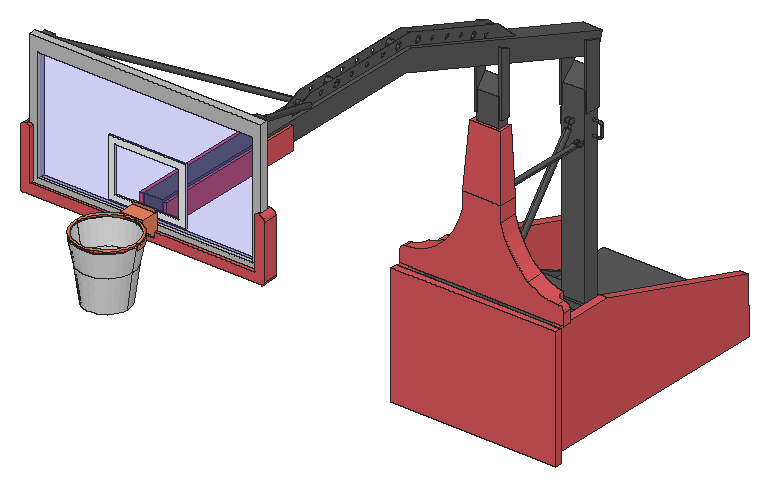
Revit family "Gymnasium-Eqpt_Basketball_IPIbybison_BA8910IG", category Specialty Equipment, Revit 2018
Family settings
  Round Connector Dimension = Use Diameter
  Part Type = Normal
  OmniClass Number = 23.40.50.34.14
  OmniClass Title = Gymnasium Equipment
  Work Plane-Based = Yes
  Always vertical = Yes
  Cut with Voids When Loaded = No
  Shared = No
  Room Calculation Point = No
Parameters (values of type "T-Rex International")
  Warranty Duration (Years) = 0
  URL = "https://ipibybison.com/"
  Specification = ""
  SpecWizard = ""
  Send Message = ""
  Sales Information = "https://ipibybison.com/ArchitectsPage.php"
  Rim Color [instance] = Plastic - IPI by Bison - Orange OR
  Revision = "R0_04-2018"
  Product Properties = ""
  Product Data = "http://www.arcat.com/arcatcos/cos49/arc49571.html"
  Padding Color [instance] = Plastic - IPI by Bison - Scarlet SC
  Net Color [instance] = Finish - IPI by Bison - White Netting
  Model = "BA8910IG"
  Manufacturer Website = "https://ipibybison.com/"
  Manufacturer Phone - Toll Free = "800-637-7968"
  Manufacturer Phone = ""
  Manufacturer Fax = "800-638-0698"
  Manufacturer Address = "603 L St  Lincoln, NE 68508"
  Manufacturer = "IPI by Bison"
  Maintenance Schedule (Months) = 0
  Keynote = ""
  Installation-Fabrication = ""
  Installation Phase = ""
  Green Building-LEED = ""
  Glass [instance] = Glass
  Frame Finish [instance] = Finish - IPI by Bison - Black
  Expected Lifespan (Years) = 0
  Drawn By = "Sumex Design, Inc. / Robert S. Weygant, CSI, CDT, SCIP"
  Description = "IPI by Bison Portable Basketball Goal - BA8910IGas Specified"
  Default Elevation = 0' - 0"
  Copyright = "©Arcat Inc. 2018"
  Construction Details = ""
  Backboard Square Color [instance] = Finish - IPI by Bison - White
  Backboard Padding Color [instance] = Plastic - IPI by Bison - Scarlet SC
  Backboard Color [instance] = Finish - IPI by Bison - Satin Aluminum
  Assembly Code = "E1090"
Reference planes (in)
  plane 1 "Center (Front/Back)": y = 0
  plane 2 "Bottom": z = 0
  plane 3 "Center (Left/Right)": x = 0
  plane 4: y = -137.43666
  plane 5: y = -141.77182
  plane 6: x = 25
  plane 7: x = 22.5
  plane 8: x = -25
  plane 9: x = -22.25
  plane 10: y = -11.15306
  plane 11: y = -13.11807
  plane 12: x = 25.752
  plane 13: x = -25.502
  plane 14: x = 2.5
  plane 15: x = -2.5
  plane 16: y = 6.35692
  plane 17: y = 25.88193
  plane 18: y = 2.31863
  plane 19: x = -20.25
  plane 20: x = 20.5
  plane 21: y = 62.59694
  plane 22: y = 47.11051
  plane 23: y = -7.40306
  plane 24: y = -138.42753
  plane 25: z = 66.25628
  plane 26: z = 65.3109
  plane 27: z = 65.78359
  plane 28: x = 0.75
  plane 29: x = -0.75
  plane 30: x = -3.5
  plane 31: x = 3.5
  plane 32: x = -3
  plane 33: x = 3
  plane 34: x = -13.25
  plane 35: x = 13.5
  plane 36: through (-33.36082, -138.45985, 48) normal (-0.8815, 0.4722, 0)
Forms (in)
  Extrusion 1, solid, material "Finish - IPI by Bison - Black" <- "Frame Finish"
    sketch origin (0, 0.25, -1.375) x (0, 1, 0) y (0, 0, 1)
      loop
        line (33.04915, 95.75473) -> (-41.03343, 123.19171) -> (-137.68666, 123.19171) -> (-137.68666, 117.19171) -> (-43.33129, 117.19171) -> (30.81788, 89.73007) -> (33.04915, 95.75473)
    from -3 to 3
  Extrusion 2, solid, material "Finish - IPI by Bison - Black" <- "Frame Finish"
    sketch origin (0, 0, 0) x (1, 0, 0) y (0, 1, 0)
      loop
        arc (-20, 62.97194) -> (-19.82322, 62.54516) -> (-20.25, 62.72194) r 0.25
        line (-20.25, 62.72194) -> (-20.25, 34.23944)
        arc (-20.25, 34.23944) -> (-19.82322, 34.41621) -> (-20, 33.98944) r 0.25
        line (-20, 33.98944) -> (20.25, 33.98944)
        arc (20.25, 33.98944) -> (20.07322, 34.41621) -> (20.5, 34.23944) r 0.25
        line (20.5, 34.23944) -> (20.5, 62.72194)
        arc (20.5, 62.72194) -> (20.07322, 62.54516) -> (20.25, 62.97194) r 0.25
        line (20.25, 62.97194) -> (-20, 62.97194)
    from 9.00476 to 12.54731
  Extrusion 3, solid, material "Plastic - IPI by Bison - Scarlet SC" <- "Padding Color"
    sketch origin (0, 0, -1.25) x (0, 1, 0) y (0, 0, 1)
      loop
        line (62.59694, 22.51593) -> (7.95966, 39.67588) -> (-11.15306, 39.67588) -> (-11.15306, 4.80415) -> (62.59694, 4.80415) -> (62.59694, 22.51593)
    from -25 to -22.25
  Extrusion 4, solid, material "Plastic - IPI by Bison - Scarlet SC" <- "Padding Color"
    sketch origin (0, 0, -1.25) x (0, 1, 0) y (0, 0, -1)
      loop
        line (62.59694, -22.51593) -> (62.59694, -4.80415) -> (-11.15306, -4.80415) -> (-11.15306, -39.67588) -> (7.95966, -39.67588) -> (62.59694, -22.51593)
    from -25 to -22.5
  Extrusion 5, solid, material "Plastic - IPI by Bison - Scarlet SC" <- "Padding Color"
    sketch origin (0, 0, -1.25) x (0, 1, 0) y (0, 0, 1)
      loop
        line (-11.15306, 39.67588) -> (-13.11807, 39.67588) -> (-13.11807, 2.17588) -> (-11.15306, 2.17588) -> (-11.15306, 39.67588)
    from -25.502 to 25.752
  Extrusion 6, solid, material "Finish - IPI by Bison - Black"
    sketch origin (0, 0, 3.19668) x (0, 1, 0) y (0, 0, 1)
      loop
        line (-1.6372, 29.86388) -> (-7.40306, 29.86388) -> (-7.40306, 25.86388) -> (-1.6372, 25.86388) -> (-1.6372, 29.86388)
      loop
        line (6.10692, 29.61388) -> (2.56863, 29.61388) -> (2.56863, 26.11388) -> (6.10692, 26.11388) -> (6.10692, 29.61388)
    from -20.25 to 20.5
  Extrusion 7, solid, material "Finish - IPI by Bison - Black"
    sketch origin (0, 24.00622, -8.55332) x (0, 1, 0) y (0, 0, 1)
      loop
        line (7.62805, 29.86388) -> (0.89779, 29.86388) -> (0.89779, 25.86388) -> (7.62805, 25.86388) -> (7.62805, 29.86388)
      loop
        line (6.12442, 29.61388) -> (2.12571, 29.61388) -> (2.12571, 26.11388) -> (6.12442, 26.11388) -> (6.12442, 29.61388)
    from -20.25 to 20.5
  Extrusion 8, solid, material "Finish - IPI by Bison - Black" <- "Frame Finish"
    sketch origin (0, 0, 0) x (0, 1, 0) y (0, 0, 1)
      loop
        line (0, 35.67588) -> (-10.94398, 35.67588) -> (-10.94398, 5.6947) -> (-7.34319, 5.6947) -> (-7.34319, 31.67588) -> (-0.92893, 31.67588) -> (-0.18282, 31.30959) -> (-0.18282, 9.45592) -> (3.85547, 9.45592) -> (3.85547, 29.32702) -> (47.11051, 8.09126) -> (47.11051, 5.67588) -> (62.59694, 5.67588)
        arc (62.59694, 5.67588) -> (60.35297, 8.45686) -> (57.15131, 10.04386) r 8.34256
        line (57.15131, 10.04386) -> (47.11051, 12.54731) -> (0, 35.67588)
    from 20.5 to 22.5
  Extrusion 9, solid, material "Finish - IPI by Bison - Black" <- "Frame Finish"
    sketch origin (0, 0, 0) x (0, 1, 0) y (0, 0, -1)
      loop
        line (0, -35.67588) -> (47.11051, -12.54731) -> (57.15131, -10.04386)
        arc (57.15131, -10.04386) -> (60.35297, -8.45686) -> (62.59694, -5.67588) r 8.34256
        line (62.59694, -5.67588) -> (47.11051, -5.67588) -> (47.11051, -8.09126) -> (3.85547, -29.32702) -> (3.85547, -9.45592) -> (-0.18282, -9.45592) -> (-0.18282, -31.30959) -> (-0.92893, -31.67588) -> (-7.34319, -31.67588) -> (-7.34319, -5.6947) -> (-10.94398, -5.6947) -> (-10.94398, -35.67588) -> (0, -35.67588)
    from 20.25 to 22.25
  Extrusion 10, solid, material "Finish - IPI by Bison - Black" <- "Frame Finish"
    sketch origin (0, 0, 0) x (0, 1, 0) y (0, 0, 1)
      loop
        line (-7.40306, 35.67588) -> (-11.15306, 35.67588) -> (-11.15306, 31.67588) -> (-7.40306, 31.67588) -> (-7.40306, 35.67588)
    from -20.25 to 20.5
  Extrusion 11, solid, material "Finish - IPI by Bison - Black" <- "Frame Finish"
    sketch origin (0, -68.74217, -2.09053) x (0, 1, 0) y (0, 0, 1)
      loop
        line (-69.71768, 157.82653) -> (-69.71768, 155.55865) -> (-69.24446, 155.55865) -> (-69.24446, 155.77595) -> (-67.90825, 155.77595) -> (-67.90825, 157.7524) -> (-69.24446, 157.7524) -> (-69.24446, 157.82653) -> (-69.71768, 157.82653)
    from -34.39473 to -31.49931
  Sweep 12, solid, material "Finish - IPI by Bison - Black" <- "Frame Finish"
    path origin (4.72862, 0, -1.76742) x (1, 0, 0) y (0, 0, 1)
      loop
        line (-8.22862, 68.76181) -> (-10.40176, 68.76181)
        arc (-10.40176, 68.76181) -> (-10.75531, 68.90826) -> (-10.90176, 69.26181) r 0.5
        line (-10.90176, 69.26181) -> (-10.90176, 72.8236)
        arc (-10.90176, 72.8236) -> (-10.75532, 73.17714) -> (-10.40179, 73.32358) r 0.49997
        line (-10.40179, 73.32358) -> (-8.22862, 73.32358)
    profile origin (-4.58658, 0, 71.55616) x (0, 0, 1) y (0, -1, 0)
      loop
        circle (0, -28.98467) r 0.25
  Revolve 13, solid, material "Finish - IPI by Bison - Black" <- "Frame Finish"
    sketch origin (-17, 0, -1.25) x (0, 1, 0) y (0, 0, 1)
      loop
        line (-8.29984, 6.1947) -> (-8.29984, 1.22194) -> (-6.36234, 1.22194) -> (-6.36234, 1.47194) -> (-6.29984, 1.47194) -> (-6.29984, 1.97194) -> (-7.54974, 2.4719) -> (-7.54974, 2.59643) -> (-7.61224, 2.59643) -> (-7.61224, 2.97646) -> (-7.67438, 2.97646) -> (-7.67438, 3.21393) -> (-7.56372, 3.21393) -> (-7.45891, 3.27444) -> (-7.45891, 3.71459) -> (-7.55303, 3.76893) -> (-7.84269, 3.76893) -> (-7.79315, 3.81847) -> (-7.88542, 3.87174) -> (-7.79443, 3.93546) -> (-7.88542, 3.98799) -> (-7.79443, 4.05171) -> (-7.88542, 4.10424) -> (-7.79443, 4.16796) -> (-7.88542, 4.22049) -> (-7.79443, 4.28421) -> (-7.88542, 4.33674) -> (-7.79443, 4.40046) -> (-7.88542, 4.45299) -> (-7.79443, 4.51671) -> (-7.88542, 4.56924) -> (-7.79443, 4.63296) -> (-7.88542, 4.6855) -> (-7.79443, 4.74921) -> (-7.88542, 4.80175) -> (-7.79443, 4.86546) -> (-7.88542, 4.918) -> (-7.79443, 4.98171) -> (-7.88542, 5.03425) -> (-7.79443, 5.09796) -> (-7.88542, 5.1505) -> (-7.79443, 5.21421) -> (-7.88542, 5.26675) -> (-7.79443, 5.33047) -> (-7.88542, 5.383) -> (-7.79443, 5.44672) -> (-7.88364, 5.49822) -> (-7.79443, 5.54973) -> (-7.88542, 5.61345) -> (-7.79443, 5.66598) -> (-7.88542, 5.7297) -> (-7.79443, 5.78223) -> (-7.88542, 5.84595) -> (-7.79443, 5.89848) -> (-7.88542, 5.9622) -> (-7.79443, 6.01473) -> (-7.88542, 6.07845) -> (-7.79443, 6.13098) -> (-7.88542, 6.1947) -> (-8.29984, 6.1947)
      axis (-8.29984, 1.22194) -> (-8.29984, 6.1947)
    angle from 0 to 360
  Revolve 14, solid, material "Finish - IPI by Bison - Black" <- "Frame Finish"
    sketch origin (17, 0, -1.25) x (0, 1, 0) y (0, 0, -1)
      loop
        line (-8.29984, -6.1947) -> (-7.88542, -6.1947) -> (-7.79443, -6.13098) -> (-7.88542, -6.07845) -> (-7.79443, -6.01473) -> (-7.88542, -5.9622) -> (-7.79443, -5.89848) -> (-7.88542, -5.84595) -> (-7.79443, -5.78223) -> (-7.88542, -5.7297) -> (-7.79443, -5.66598) -> (-7.88542, -5.61345) -> (-7.79443, -5.54973) -> (-7.88364, -5.49822) -> (-7.79443, -5.44672) -> (-7.88542, -5.383) -> (-7.79443, -5.33047) -> (-7.88542, -5.26675) -> (-7.79443, -5.21421) -> (-7.88542, -5.1505) -> (-7.79443, -5.09796) -> (-7.88542, -5.03425) -> (-7.79443, -4.98171) -> (-7.88542, -4.918) -> (-7.79443, -4.86546) -> (-7.88542, -4.80175) -> (-7.79443, -4.74921) -> (-7.88542, -4.6855) -> (-7.79443, -4.63296) -> (-7.88542, -4.56924) -> (-7.79443, -4.51671) -> (-7.88542, -4.45299) -> (-7.79443, -4.40046) -> (-7.88542, -4.33674) -> (-7.79443, -4.28421) -> (-7.88542, -4.22049) -> (-7.79443, -4.16796) -> (-7.88542, -4.10424) -> (-7.79443, -4.05171) -> (-7.88542, -3.98799) -> (-7.79443, -3.93546) -> (-7.88542, -3.87174) -> (-7.79315, -3.81847) -> (-7.84269, -3.76893) -> (-7.55303, -3.76893) -> (-7.45891, -3.71459) -> (-7.45891, -3.27444) -> (-7.56372, -3.21393) -> (-7.67438, -3.21393) -> (-7.67438, -2.97646) -> (-7.61224, -2.97646) -> (-7.61224, -2.59643) -> (-7.54974, -2.59643) -> (-7.54974, -2.4719) -> (-6.29984, -1.97194) -> (-6.29984, -1.47194) -> (-6.36234, -1.47194) -> (-6.36234, -1.22194) -> (-8.29984, -1.22194) -> (-8.29984, -6.1947)
      axis (-8.29984, -1.22194) -> (-8.29984, -6.1947)
    angle from 0 to 360
  Revolve 15, solid, material "Finish - IPI by Bison - Black"
    sketch origin (0, 56.25, 0) x (1, 0, 0) y (0, 0, 1)
      loop
        arc (-19.31006, 0.19999) -> (-18.4375, 0.05094) -> (-17.56494, 0.19999) r 2.62863
        line (-17.56494, 0.19999) -> (-17.44149, 0.73838) -> (-17.44149, 1.14463) -> (-17.73757, 1.44071) -> (-17.73757, 4.0515) -> (-18.375, 4.0515) -> (-19.13743, 4.0515) -> (-19.13743, 1.44071) -> (-19.43351, 1.14463) -> (-19.43351, 0.73838) -> (-19.31006, 0.19999)
      axis (-19.43351, 4.0515) -> (-17.44149, 4.0515)
    angle from 0 to 360
  Revolve 16, solid, material "Finish - IPI by Bison - Black"
    sketch origin (5.35491, 1.81863, 0.12367) x (1, 0, 0) y (0, 0, 1)
      loop
        arc (-19.31006, 0.19999) -> (-18.4375, 0.05094) -> (-17.56494, 0.19999) r 2.62863
        line (-17.56494, 0.19999) -> (-17.44149, 0.73838) -> (-17.44149, 1.14463) -> (-17.73757, 1.44071) -> (-17.73757, 4.0515) -> (-18.375, 4.0515) -> (-19.13743, 4.0515) -> (-19.13743, 1.44071) -> (-19.43351, 1.14463) -> (-19.43351, 0.73838) -> (-19.31006, 0.19999)
      axis (-19.43351, 4.0515) -> (-17.44149, 4.0515)
    angle from 0 to 360
  Revolve 17, solid, material "Finish - IPI by Bison - Black"
    sketch origin (-5.32655, 1.81863, 0.12367) x (-1, 0, 0) y (0, 0, -1)
      loop
        line (-19.56006, -0.19999) -> (-19.68351, -0.73838) -> (-19.68351, -1.14463) -> (-19.38743, -1.44071) -> (-19.38743, -4.0515) -> (-18.625, -4.0515) -> (-17.98757, -4.0515) -> (-17.98757, -1.44071) -> (-17.69149, -1.14463) -> (-17.69149, -0.73838) -> (-17.81494, -0.19999)
        arc (-17.81494, -0.19999) -> (-18.6875, -0.05094) -> (-19.56006, -0.19999) r 2.62863
      axis (-19.68351, -4.0515) -> (-17.69149, -4.0515)
    angle from 0 to 360
  Revolve 18, solid, material "Finish - IPI by Bison - Black"
    sketch origin (2.5, 56.25, 0) x (1, 0, 0) y (0, 0, 1)
      loop
        arc (-19.31006, 0.19999) -> (-18.4375, 0.05094) -> (-17.56494, 0.19999) r 2.62863
        line (-17.56494, 0.19999) -> (-17.44149, 0.73838) -> (-17.44149, 1.14463) -> (-17.73757, 1.44071) -> (-17.73757, 4.0515) -> (-18.375, 4.0515) -> (-19.13743, 4.0515) -> (-19.13743, 1.44071) -> (-19.43351, 1.14463) -> (-19.43351, 0.73838) -> (-19.31006, 0.19999)
      axis (-19.43351, 4.0515) -> (-17.44149, 4.0515)
    angle from 0 to 360
  Revolve 19, solid, material "Finish - IPI by Bison - Black"
    sketch origin (0.02835, 56.25, 0) x (-1, 0, 0) y (0, 0, -1)
      loop
        line (-19.56006, -0.19999) -> (-19.68351, -0.73838) -> (-19.68351, -1.14463) -> (-19.38743, -1.44071) -> (-19.38743, -4.0515) -> (-18.625, -4.0515) -> (-17.98757, -4.0515) -> (-17.98757, -1.44071) -> (-17.69149, -1.14463) -> (-17.69149, -0.73838) -> (-17.81494, -0.19999)
        arc (-17.81494, -0.19999) -> (-18.6875, -0.05094) -> (-19.56006, -0.19999) r 2.62863
      axis (-19.68351, -4.0515) -> (-17.69149, -4.0515)
    angle from 0 to 360
  Revolve 20, solid, material "Finish - IPI by Bison - Black"
    sketch origin (-2.47165, 56.25, 0) x (-1, 0, 0) y (0, 0, -1)
      loop
        line (-19.56006, -0.19999) -> (-19.68351, -0.73838) -> (-19.68351, -1.14463) -> (-19.38743, -1.44071) -> (-19.38743, -4.0515) -> (-18.625, -4.0515) -> (-17.98757, -4.0515) -> (-17.98757, -1.44071) -> (-17.69149, -1.14463) -> (-17.69149, -0.73838) -> (-17.81494, -0.19999)
        arc (-17.81494, -0.19999) -> (-18.6875, -0.05094) -> (-19.56006, -0.19999) r 2.62863
      axis (-19.68351, -4.0515) -> (-17.69149, -4.0515)
    angle from 0 to 360
  Extrusion 21, solid, material "Finish - IPI by Bison - Black"
    sketch origin (0, -2.50145, -16.40797) x (0, 1, 0) y (0, 0, 1)
      loop
        line (6.35692, 26.86388) -> (2.31863, 26.86388) -> (2.31863, 25.86388) -> (6.35692, 25.86388) -> (6.35692, 26.86388)
      loop
        line (6.29442, 26.80138) -> (2.38113, 26.80138) -> (2.38113, 25.92638) -> (6.29442, 25.92638) -> (6.29442, 26.80138)
    from -16 to 16
  Extrusion 22, solid, material "Finish - IPI by Bison - Black"
    sketch origin (0, -12.63761, -19.73168) x (0, 1, 0) y (0, 0, 1)
      loop
        line (5.29442, 26.05138) -> (1.69363, 26.05138) -> (1.69363, 25.42638) -> (5.29442, 25.42638) -> (5.29442, 26.05138)
      loop
        line (5.23192, 25.98888) -> (1.75613, 25.98888) -> (1.75613, 25.48888) -> (5.23192, 25.48888) -> (5.23192, 25.98888)
    from -16 to 16
  Extrusion 23, solid, material "Finish - IPI by Bison - Black"
    sketch origin (0, 51.99025, -17.85912) x (0, 1, 0) y (0, 0, 1)
      loop
        line (6.35692, 26.86388) -> (2.31863, 26.86388) -> (2.31863, 25.86388) -> (6.35692, 25.86388) -> (6.35692, 26.86388)
      loop
        line (6.29442, 26.80138) -> (2.38113, 26.80138) -> (2.38113, 25.92638) -> (6.29442, 25.92638) -> (6.29442, 26.80138)
    from -16 to 16
  Extrusion 24, solid, material "Finish - IPI by Bison - Black" <- "Frame Finish"
    sketch origin (0, 0, 0) x (0, 1, 0) y (0, 0, 1)
      loop
        arc (-84.92451, 122.41137) -> (-85.14978, 122.22776) -> (-85.23489, 121.94988) r 0.5
        line (-85.23489, 121.94988) -> (-85.23489, 121.43987) -> (-39.78292, 121.43987) -> (0.83927, 106.38632)
        arc (0.83927, 106.38632) -> (0.79855, 106.58911) -> (0.67924, 106.75807) r 0.5
        line (0.67924, 106.75807) -> (-4.96216, 111.98836)
        arc (-4.96216, 111.98836) -> (-5.58428, 112.46108) -> (-6.28641, 112.80384) r 4
        line (-6.28641, 112.80384) -> (-38.52295, 124.80217)
        arc (-38.52295, 124.80217) -> (-39.02571, 124.95257) -> (-39.54383, 125.03585) r 4
        arc (-39.54383, 125.03585) -> (-39.72616, 125.0488) -> (-39.9089, 125.0534) r 4
        line (-39.9089, 125.0534) -> (-77.46703, 125.14099)
        arc (-77.46703, 125.14099) -> (-78.24481, 125.06649) -> (-78.99326, 124.84222) r 4
        line (-78.99326, 124.84222) -> (-84.92451, 122.41137)
      loop
        circle (-2.81384, 108.31191) r 0.25781
      loop
        circle (-10.42391, 111.56003) r 0.805
      loop
        circle (-19.92019, 115.74586) r 0.805
      loop
        circle (-15.29705, 113.65295) r 0.97
      loop
        circle (-25.54333, 117.83877) r 0.805
      loop
        circle (-31.16647, 119.93169) r 0.805
      loop
        circle (-36.78961, 122.0246) r 0.97
      loop
        circle (-44.48104, 123.55485) r 0.97
      loop
        circle (-50.48102, 123.56884) r 0.805
      loop
        circle (-56.48101, 123.58283) r 0.805
      loop
        circle (-62.48099, 123.59682) r 0.805
      loop
        circle (-68.48097, 123.61082) r 0.97
      loop
        circle (-74.48096, 123.62481) r 0.805
      loop
        circle (-81.10827, 122.64026) r 0.25781
    from -1.68415 to -1.50534
  Extrusion 25, solid, material "Finish - IPI by Bison - Black" <- "Frame Finish"
    sketch origin (0, 1, 0) x (0, 1, 0) y (0, 0, 1)
      loop
        circle (-16.31627, 113.6142) r 0.95
      loop
        circle (-16.31627, 113.6142) r 0.805
      loop
        circle (-37.81927, 121.98344) r 0.95
      loop
        circle (-37.81927, 121.98344) r 0.805
      loop
        circle (-45.48375, 123.55368) r 0.95
      loop
        circle (-45.48375, 123.55368) r 0.805
      loop
        circle (-69.48207, 123.55368) r 0.95
      loop
        circle (-69.48207, 123.55368) r 0.805
    from -1.68415 to 1.68415
  Extrusion 26, solid, material "Finish - IPI by Bison - Black" <- "Frame Finish"
    sketch origin (0, 0, 0) x (0, 1, 0) y (0, 0, -1)
      loop
        line (-84.92451, -122.41137) -> (-78.99326, -124.84222)
        arc (-78.99326, -124.84222) -> (-78.24481, -125.06649) -> (-77.46703, -125.14099) r 4
        line (-77.46703, -125.14099) -> (-39.9089, -125.0534)
        arc (-39.9089, -125.0534) -> (-39.72616, -125.0488) -> (-39.54383, -125.03585) r 4
        arc (-39.54383, -125.03585) -> (-39.02571, -124.95257) -> (-38.52295, -124.80217) r 4
        line (-38.52295, -124.80217) -> (-6.28641, -112.80384)
        arc (-6.28641, -112.80384) -> (-5.58428, -112.46108) -> (-4.96216, -111.98836) r 4
        line (-4.96216, -111.98836) -> (0.67924, -106.75807)
        arc (0.67924, -106.75807) -> (0.79855, -106.58911) -> (0.83927, -106.38632) r 0.5
        line (0.83927, -106.38632) -> (-39.78292, -121.43987) -> (-85.23489, -121.43987) -> (-85.23489, -121.94988)
        arc (-85.23489, -121.94988) -> (-85.14978, -122.22776) -> (-84.92451, -122.41137) r 0.5
      loop
        circle (-2.81384, -108.31191) r 0.25781
      loop
        circle (-10.42391, -111.56003) r 0.805
      loop
        circle (-19.92019, -115.74586) r 0.805
      loop
        circle (-15.29705, -113.65295) r 0.97
      loop
        circle (-25.54333, -117.83877) r 0.805
      loop
        circle (-31.16647, -119.93169) r 0.805
      loop
        circle (-36.78961, -122.0246) r 0.97
      loop
        circle (-44.48104, -123.55485) r 0.97
      loop
        circle (-50.48102, -123.56884) r 0.805
      loop
        circle (-56.48101, -123.58283) r 0.805
      loop
        circle (-62.48099, -123.59682) r 0.805
      loop
        circle (-68.48097, -123.61082) r 0.97
      loop
        circle (-74.48096, -123.62481) r 0.805
      loop
        circle (-81.10827, -122.64026) r 0.25781
    from -1.68415 to -1.50534
  Extrusion 27, solid, material "Plastic - IPI by Bison - Scarlet SC" <- "Padding Color"
    sketch origin (0, 0, 0) x (1, 0, 0) y (0, 0, 1)
      loop
        line (-3, 115.68987) -> (-3, 121.43987) -> (-4.25, 121.43987) -> (-4.25, 114.43987) -> (4.25, 114.43987) -> (4.25, 121.43987) -> (3, 121.43987) -> (3, 115.68987) -> (-3, 115.68987)
    from 88.46349 to 137.43666
  Extrusion 28, solid, material "Finish - IPI by Bison - Black" <- "Frame Finish"
    sketch origin (0, 0, 0) x (0, 1, 0) y (0, 0, 1)
      loop
        line (30.38064, 21.31057) -> (30.38064, 84.84241) -> (25.88193, 80.928) -> (25.88193, 21.31057) -> (30.38064, 21.31057)
    from -3.5 to 3.5
  Extrusion 29, solid, material "Finish - IPI by Bison - Black" <- "Frame Finish"
    sketch origin (0, 0, 0) x (0, 1, 0) y (0, 0, 1)
      loop
        line (30.38064, 74.50628) -> (30.38064, 93.4443) -> (25.88193, 94.86108) -> (25.88193, 74.50628) -> (30.38064, 74.50628)
    from -4.21147 to -3.5
  Extrusion 30, solid, material "Finish - IPI by Bison - Black" <- "Frame Finish"
    sketch origin (0, 0, 0) x (0, 1, 0) y (0, 0, -1)
      loop
        line (30.38064, -74.50628) -> (25.88193, -74.50628) -> (25.88193, -94.86108) -> (30.38064, -93.4443) -> (30.38064, -74.50628)
    from -4.21147 to -3.5
  Extrusion 31, solid, material "Finish - IPI by Bison - Black" <- "Frame Finish"
    sketch origin (0, -34.72792, 12.63993) x (0, 1, 0) y (0, 0, 1)
      loop
        line (30.36315, 74.50628) -> (30.36315, 93.4443) -> (27.32486, 94.86108) -> (27.32486, 74.50628) -> (30.36315, 74.50628)
    from -4.21147 to -3.5
  Extrusion 32, solid, material "Finish - IPI by Bison - Black" <- "Frame Finish"
    sketch origin (0, -34.72792, 12.63993) x (0, 1, 0) y (0, 0, -1)
      loop
        line (30.36315, -74.50628) -> (27.32486, -74.50628) -> (27.32486, -94.86108) -> (30.36315, -93.4443) -> (30.36315, -74.50628)
    from -4.21147 to -3.5
  Sweep 33, solid, material "Finish - IPI by Bison - Black" <- "Frame Finish"
    path origin (-33.36082, -138.45985, 48) x (-0.472203, -0.88149, 0) y (0, 0, 1)
      loop
        line (0.08433, 107.02088) -> (-67.10053, 74.25263)
    profile origin (-17.5382, -108.9228, 138.63675) x (-0.207, -0.38642, -0.898794) y (-0.88149, 0.472203, 0)
      loop
        circle (0, 0) r 0.75
  Extrusion 34, solid, material "Finish - IPI by Bison - Black" <- "Frame Finish"
    sketch origin (0, -68.74217, -2.09053) x (0, 1, 0) y (0, 0, -1)
      loop
        line (-69.71768, -157.82653) -> (-69.24446, -157.82653) -> (-69.24446, -157.7524) -> (-67.90825, -157.7524) -> (-67.90825, -155.77595) -> (-69.24446, -155.77595) -> (-69.24446, -155.55865) -> (-69.71768, -155.55865) -> (-69.71768, -157.82653)
    from -34.39473 to -31.49931
  Sweep 35, solid, material "Finish - IPI by Bison - Black" <- "Frame Finish"
    path origin (33.36082, -138.45985, 48) x (0.472203, -0.88149, 0) y (0, 0, -1)
      loop
        line (0.08433, -107.02088) -> (-67.10053, -74.25263)
    profile origin (17.5382, -108.9228, 138.63675) x (-0.207, 0.38642, 0.898794) y (0.88149, 0.472203, 0)
      loop
        circle (0, 0) r 0.75
  Extrusion 36, solid, material "Finish - IPI by Bison - Black" <- "Frame Finish"
    sketch origin (0, -34.72792, 12.63993) x (0, 1, 0) y (0, 0, 1)
      loop
        line (30.36315, 17.06057) -> (30.36315, 84.84241) -> (27.32486, 80.928) -> (27.32486, 17.06057) -> (30.36315, 17.06057)
    from -3.5 to 3.5
  Revolve 37, solid, material "Finish - IPI by Bison - Black" <- "Frame Finish"
    sketch origin (-1.5, 25.40612, 65.78359) x (-1, 0, 0) y (0, -1, 0)
      loop
        line (-3.0275, 0.72556) -> (-3.25, 0.72556) -> (-3.25, 1.42223) -> (-3.11756, 1.42223) -> (-3.11756, 1.73451) -> (-2.915, 1.73451) -> (-2.915, 1.86146) -> (-2.875, 1.86146) -> (-2.875, 27.35592) -> (-2.915, 27.35592) -> (-2.915, 27.48287) -> (-3.11756, 27.48287) -> (-3.11756, 27.79515) -> (-3.25, 27.79515) -> (-3.25, 28.49182) -> (-3.0275, 28.49182) -> (-3.0275, 29.2544) -> (-3.5002, 29.2544) -> (-3.5002, -0.03702) -> (-3.0275, -0.03702) -> (-3.0275, 0.72556)
      axis (-3.5002, 29.2544) -> (-3.5002, -0.03702)
    angle from 0 to 360
  Extrusion 38, solid, material "Finish - IPI by Bison - Black" <- "Frame Finish"
    sketch origin (5, 0, 0) x (0, 1, 0) y (0, 0, -1)
      loop
        line (25.02848, -66.43551) -> (25.90346, -66.44437) -> (25.90346, -65.19431) -> (25.04113, -65.18557)
        arc (25.04113, -65.18557) -> (24.40984, -65.80421) -> (25.02848, -66.43551) r 0.625
      loop
        circle (25.0348, -65.81054) r 0.25
      loop
        arc (-3.48964, -66.43551) -> (-2.87101, -65.80421) -> (-3.5023, -65.18557) r 0.625
        line (-3.5023, -65.18557) -> (-4.36463, -65.19431) -> (-4.36463, -66.44437) -> (-3.48964, -66.43551)
      loop
        circle (-3.49597, -65.81054) r 0.25
    from 2.25 to 2.5
  Revolve 39, solid, material "Finish - IPI by Bison - Black" <- "Frame Finish"
    sketch origin (-2, -0.34375, 65.77286) x (1, 0, 0) y (0, 1, 0)
      loop
        line (3.00609, 25.37902) -> (3.00609, 25.11965) -> (4.75, 25.11965) -> (4.75, 24.93677) -> (5.114, 24.93677) -> (5.114, 25.37902) -> (3.00609, 25.37902)
      axis (5.114, 25.37902) -> (3.00609, 25.37902)
    angle from 0 to 360
  Extrusion 40, solid, material "Finish - IPI by Bison - Black" <- "Frame Finish"
    sketch origin (-1, 0, 0) x (0, 1, 0) y (0, 0, 1)
      loop
        arc (25.02848, 66.43551) -> (24.40984, 65.80421) -> (25.04113, 65.18557) r 0.625
        line (25.04113, 65.18557) -> (25.90346, 65.19431) -> (25.90346, 66.44437) -> (25.02848, 66.43551)
      loop
        circle (25.0348, 65.81054) r 0.25
      loop
        line (-3.48964, 66.43551) -> (-4.36463, 66.44437) -> (-4.36463, 65.19431) -> (-3.5023, 65.18557)
        arc (-3.5023, 65.18557) -> (-2.87101, 65.80421) -> (-3.48964, 66.43551) r 0.625
      loop
        circle (-3.49597, 65.81054) r 0.25
    from 2.25 to 2.5
  Revolve 41, solid, material "Finish - IPI by Bison - Black" <- "Frame Finish"
    sketch origin (-2, -30.30479, 65.77286) x (1, 0, 0) y (0, 1, 0)
      loop
        line (3.00609, 26.82195) -> (3.00609, 26.56257) -> (4.75, 26.56257) -> (4.75, 26.3797) -> (5.114, 26.3797) -> (5.114, 26.82195) -> (3.00609, 26.82195)
      axis (5.114, 26.82195) -> (3.00609, 26.82195)
    angle from 0 to 360
  Revolve 42, solid, material "Finish - IPI by Bison - Black" <- "Frame Finish"
    sketch origin (-0.75, 0.11339, -0.06308) x (0, 1, 0) y (0, 0, 1)
      loop
        line (-2.46877, 34.42478) -> (25.20063, 68.59363) -> (25.09842, 68.69584) -> (25.20692, 68.80435) -> (25.06637, 68.9449) -> (25.439, 69.82278) -> (25.27248, 69.98931) -> (-3.94503, 33.90869) -> (-3.81, 33.79935) -> (-2.46877, 34.42478)
      axis (25.27248, 69.98931) -> (-3.94503, 33.90869)
    angle from 0 to 360
  Extrusion 43, solid, material "Finish - IPI by Bison - Black" <- "Frame Finish"
    sketch origin (-3.75, -0.25, 5.75) x (0, 1, 0) y (0, 0, 1)
      loop
        arc (25.27848, 66.18551) -> (24.65984, 65.55421) -> (25.29113, 64.93557) r 0.625
        line (25.29113, 64.93557) -> (26.15346, 64.94431) -> (26.15346, 66.19437) -> (25.27848, 66.18551)
      loop
        circle (25.2848, 65.56054) r 0.25
      loop
        line (-3.23964, 29.18551) -> (-4.11463, 29.19437) -> (-4.11463, 27.94431) -> (-3.2523, 27.93557)
        arc (-3.2523, 27.93557) -> (-2.62101, 28.55421) -> (-3.23964, 29.18551) r 0.625
      loop
        circle (-3.24597, 28.56054) r 0.25
    from 2.25 to 2.5
  Extrusion 44, solid, material "Finish - IPI by Bison - Black" <- "Frame Finish"
    sketch origin (2.25, -0.25, 5.75) x (0, 1, 0) y (0, 0, -1)
      loop
        line (25.27848, -66.18551) -> (26.15346, -66.19437) -> (26.15346, -64.94431) -> (25.29113, -64.93557)
        arc (25.29113, -64.93557) -> (24.65984, -65.55421) -> (25.27848, -66.18551) r 0.625
      loop
        circle (25.2848, -65.56054) r 0.25
      loop
        arc (-3.23964, -29.18551) -> (-2.62101, -28.55421) -> (-3.2523, -27.93557) r 0.625
        line (-3.2523, -27.93557) -> (-4.11463, -27.94431) -> (-4.11463, -29.19437) -> (-3.23964, -29.18551)
      loop
        circle (-3.24597, -28.56054) r 0.25
    from 2.25 to 2.5
  Sweep 45, solid, material "Finish - IPI by Bison - Black" <- "Frame Finish"
    path origin (-4.70027, 0, -1.76742) x (-1, 0, 0) y (0, 0, 1)
      loop
        line (-8.22862, 68.76181) -> (-10.40176, 68.76181)
        arc (-10.40176, 68.76181) -> (-10.75531, 68.90826) -> (-10.90176, 69.26181) r 0.5
        line (-10.90176, 69.26181) -> (-10.90176, 72.8236)
        arc (-10.90176, 72.8236) -> (-10.75532, 73.17714) -> (-10.40179, 73.32358) r 0.49997
        line (-10.40179, 73.32358) -> (-8.22862, 73.32358)
    profile origin (4.61494, 0, 71.55616) x (0, 0, -1) y (0, -1, 0)
      loop
        circle (0, -28.98467) r 0.25
  Extrusion 46, solid, material "Plastic - IPI by Bison - Scarlet SC" <- "Padding Color"
    sketch origin (0, 0, 0) x (1, 0, 0) y (0, 1, 0)
      loop
        line (-3.5, -4.36477) -> (-6, -4.36477) -> (-6, -9.70664) -> (5.96138, -9.70664) -> (5.96138, -4.36477) -> (3.5, -4.36477) -> (3.5, -7.40306) -> (-3.5, -7.40306) -> (-3.5, -4.36477)
    from 38.42588 to 65.19431
  Extrusion 47, solid, material "Plastic - IPI by Bison - Scarlet SC" <- "Padding Color"
    sketch origin (0, 0, 0) x (1, 0, 0) y (0, 0, 1)
      loop
        line (-6, 38.37178) -> (-6, 60.19542)
        arc (-6, 60.19542) -> (-8.99532, 52.8095) -> (-14.35685, 46.91222) r 22.72334
        arc (-14.35685, 46.91222) -> (-18.77903, 44.49354) -> (-23.74475, 43.62903) r 15.43043
        arc (-23.74475, 43.62903) -> (-24.98731, 43.11434) -> (-25.502, 41.87178) r 1.75725
        line (-25.502, 41.87178) -> (-25.502, 38.37178) -> (-6, 38.37178)
    from 4.36477 to 9.70664
  Extrusion 48, solid, material "Plastic - IPI by Bison - Scarlet SC" <- "Padding Color"
    sketch origin (0.02835, 0, 0) x (-1, 0, 0) y (0, 0, -1)
      loop
        line (-5.93303, -38.42588) -> (-25.51353, -38.42588) -> (-25.51353, -41.95566)
        arc (-25.51353, -41.95566) -> (-24.96662, -43.27602) -> (-23.64626, -43.82293) r 1.86727
        arc (-23.64626, -43.82293) -> (-18.70662, -44.65091) -> (-14.2991, -47.02984) r 15.29892
        arc (-14.2991, -47.02984) -> (-8.90168, -53.02351) -> (-5.93303, -60.52306) r 22.76506
        line (-5.93303, -60.52306) -> (-5.93303, -38.42588)
    from 4.36477 to 9.70664
  Blend 49, solid, material "Plastic - IPI by Bison - Scarlet SC" <- "Padding Color"
    base sketch origin (0, 0, 0) x (1, 0, 0) y (0, 1, 0)
      loop
        line (-3.5, -4.36477) -> (-6, -4.36477) -> (-6, -9.70664) -> (5.96138, -9.70664) -> (5.96138, -4.36477) -> (3.5, -4.36477) -> (3.5, -7.40306) -> (-3.5, -7.40306) -> (-3.5, -4.36477)
    top sketch origin (0, 0, 0) x (1, 0, 0) y (0, 1, 0)
      loop
        line (-3.5, -4.36477) -> (-4.75, -4.36477) -> (-4.75, -8.45664) -> (4.71138, -8.45664) -> (4.71138, -4.36477) -> (3.5, -4.36477) -> (3.5, -7.40306) -> (-3.5, -7.40306) -> (-3.5, -4.36477)
    from 65.19431 to 84.84241
  Extrusion 50, void
    sketch origin (0, 0, 0) x (1, 0, 0) y (0, 1, 0)
      loop
        line (-25.502, -7.40306) -> (-23.74475, -7.40306)
        arc (-23.74475, -7.40306) -> (-21.66196, -6.50102) -> (-20.89504, -4.36477) r 2.85556
        line (-20.89504, -4.36477) -> (-25.502, -4.36477) -> (-25.502, -7.40306)
      loop
        line (25.752, -7.40306) -> (25.752, -4.36477) -> (20.89504, -4.36477)
        arc (20.89504, -4.36477) -> (21.66196, -6.50102) -> (23.74475, -7.40306) r 2.85556
        line (23.74475, -7.40306) -> (25.752, -7.40306)
    from 36.80316 to 66.25628
Cuts and joins
  joined: Extrusion 9, Extrusion 10
  joined: Extrusion 1, Extrusion 24, Extrusion 26
  Extrusion 50 cuts Extrusion 47
  Extrusion 50 cuts Extrusion 48
  joined: Extrusion 46, Extrusion 47, Extrusion 48, Blend 49
Dimensions and locks (in)
  locked: nested 1 to level at 120
  equal spacing: plane 32, plane 3 "Center (Left/Right)", plane 33
  plane 32 to plane 33 = 0' - 6"
  locked: Extrusion 27 sketch curve to Extrusion 27 sketch curve at 1.25  (x3)
  equal spacing: plane 8, plane 3 "Center (Left/Right)", plane 6
  locked: plane 8 to plane 6 at 50
  plane 17 to plane 11 = 3' - 3"
  aligned and locked: Extrusion 3 to plane 8
  aligned and locked: plane 9 to Extrusion 3
  aligned and locked: Extrusion 4 to plane 6
  aligned and locked: plane 7 to Extrusion 4
  aligned and locked: plane 13 to Extrusion 5
  aligned and locked: plane 12 to Extrusion 5
  aligned and locked: Extrusion 6 to plane 20
  aligned and locked: Extrusion 6 to plane 19
  aligned and locked: Extrusion 7 to plane 20
  aligned and locked: Extrusion 7 to plane 19
  aligned and locked: Extrusion 8 to plane 7
  aligned and locked: plane 20 to Extrusion 8
  aligned and locked: Extrusion 2 to plane 19
  aligned and locked: Extrusion 9 to plane 9
  aligned and locked: Extrusion 10 to plane 19
  aligned and locked: Extrusion 10 to plane 20
  aligned and locked: cut or joined group of Extrusion 1, Extrusion 24, Extrusion 26 to Extrusion 25
  aligned and locked: cut or joined group of Extrusion 1, Extrusion 24, Extrusion 26 to plane 33
  aligned and locked: cut or joined group of Extrusion 1, Extrusion 24, Extrusion 26 to plane 32
  aligned and locked: plane 19 to cut or joined group of Extrusion 9, Extrusion 10
  aligned and locked: Extrusion 3 sketch curve to plane 21
  aligned and locked: Extrusion 28 to plane 17
  aligned and locked: plane 17 to Extrusion 29 sketch curve
  aligned and locked: Extrusion 29 to Extrusion 28
  aligned and locked: Extrusion 36 to Extrusion 32
  aligned and locked: Extrusion 5 sketch curve to Extrusion 3
  aligned and locked: Extrusion 46 sketch curve to Extrusion 36  (x3)
  aligned and locked: Extrusion 47 to Extrusion 46
  aligned and locked: Extrusion 46 to Extrusion 47
  aligned and locked: Blend 49 sketch curve to cut or joined group of Extrusion 46, Extrusion 47, Extrusion 48, Blend 49, Extrusion 50  (x4)
  aligned and locked: cut or joined group of Extrusion 46, Extrusion 47, Extrusion 48, Blend 49, Extrusion 50 to Blend 49 sketch curve  (x3)
  aligned and locked: Blend 49 sketch curve to Extrusion 36  (x6)
Automatic sketch dimensions
  Extrusion 1 sketch curve to plane 4 = 0' - 0"
  Extrusion 1 sketch curve to plane 11 = 2' - 5.96322"
  Extrusion 1 sketch curve to Extrusion 1 sketch curve = 0' - 2.29786"
  Extrusion 1 sketch curve to plane 25 = 1' - 10.09879"
  Extrusion 1 sketch curve to Extrusion 1 sketch curve = 0' - 6.02466"
  Extrusion 2 sketch curve to plane 19 = 0' - 0"  (x3)
  Extrusion 2 sketch curve to plane 20 = 0' - 0"  (x3)
  plane 19 to Extrusion 2 sketch curve = 0' - 0 1/4"  (x2)
  plane 20 to Extrusion 2 sketch curve = 0' - 0 1/4"  (x2)
  plane 21 to Extrusion 2 sketch curve = 0' - 0 1/8"  (x2)
  Extrusion 2 sketch curve to Extrusion 2 sketch curve = 0' - 0"  (x10)
  Extrusion 3 sketch curve to plane 10 = 0' - 0"
  plane 16 to Extrusion 3 sketch curve = 0' - 1.60274"
  level to Extrusion 3 sketch curve = 0' - 3.55415"
  Extrusion 3 sketch curve to Extrusion 3 sketch curve = 1' - 5.71179"
  Extrusion 4 sketch curve to plane 10 = 0' - 0"
  Extrusion 4 sketch curve to plane 21 = 0' - 0"
  plane 16 to Extrusion 4 sketch curve = 0' - 1.60274"
  level to Extrusion 4 sketch curve = 1' - 9.26593"
  level to Extrusion 4 sketch curve = 0' - 3.55415"
  Extrusion 5 sketch curve to plane 11 = 0' - 0"
  level to Extrusion 5 sketch curve = 0' - 0.92588"
  Extrusion 6 sketch curve to plane 23 = 0' - 0"
  plane 1 "Center (Front/Back)" to Extrusion 6 sketch curve = 0' - 1.6372"
  plane 18 to Extrusion 6 sketch curve = 0' - 0 1/4"
  Extrusion 6 sketch curve to plane 16 = 0' - 0 1/4"
  Extrusion 6 sketch curve to Extrusion 6 sketch curve = 0' - 0 1/4"
  Extrusion 6 sketch curve to Extrusion 6 sketch curve = 0' - 3 1/2"
  Extrusion 6 sketch curve to Extrusion 6 sketch curve = 0' - 4"
  Extrusion 7 sketch curve to plane 17 = 0' - 0.97792"
  plane 17 to Extrusion 7 sketch curve = 0' - 0 1/4"
  level to Extrusion 7 sketch curve = 1' - 5.31057"
  Extrusion 7 sketch curve to Extrusion 7 sketch curve = 0' - 0 1/4"  (x2)
  Extrusion 7 sketch curve to Extrusion 7 sketch curve = 0' - 3 1/2"
  Extrusion 8 sketch curve to plane 1 "Center (Front/Back)" = 0' - 0"
  Extrusion 8 sketch curve to plane 22 = 0' - 0"  (x2)
  Extrusion 8 sketch curve to plane 21 = 0' - 0"
  plane 1 "Center (Front/Back)" to Extrusion 8 sketch curve = 0' - 0.18282"
  Extrusion 8 sketch curve to Extrusion 8 sketch curve = 0' - 0 191/256"
  plane 23 to Extrusion 8 sketch curve = 0' - 0.05987"
  plane 10 to Extrusion 8 sketch curve = 0' - 0.20908"
  plane 18 to Extrusion 8 sketch curve = 0' - 1.53684"
  level to Extrusion 8 sketch curve = 0' - 1.94911"
  level to Extrusion 8 sketch curve = 0' - 5.67588"
  level to Extrusion 8 sketch curve = 0' - 5.6947"
  Extrusion 8 sketch curve to Extrusion 8 sketch curve = 0' - 2.41537"
  Extrusion 8 sketch curve to Extrusion 8 sketch curve = 0' - 3.76122"
  Extrusion 8 sketch curve to Extrusion 8 sketch curve = 0' - 4.45605"
  Extrusion 8 sketch curve to Extrusion 8 sketch curve = 1' - 7 223/256"
  Extrusion 8 sketch curve to Extrusion 8 sketch curve = 0' - 1.98257"
  Extrusion 8 sketch curve to Extrusion 8 sketch curve = 0' - 0.3663"
  Extrusion 8 sketch curve to Extrusion 8 sketch curve = 0' - 4"
  Extrusion 9 sketch curve to plane 1 "Center (Front/Back)" = 0' - 0"
  Extrusion 9 sketch curve to plane 22 = 0' - 0"  (x2)
  Extrusion 9 sketch curve to plane 21 = 0' - 0"
  plane 1 "Center (Front/Back)" to Extrusion 9 sketch curve = 0' - 0.18282"
  Extrusion 9 sketch curve to Extrusion 9 sketch curve = 0' - 0 191/256"
  plane 23 to Extrusion 9 sketch curve = 0' - 0.05987"
  plane 10 to Extrusion 9 sketch curve = 0' - 0.20908"
  plane 18 to Extrusion 9 sketch curve = 0' - 1.53684"
  Extrusion 9 sketch curve to Extrusion 9 sketch curve = 0' - 4"
  Extrusion 9 sketch curve to Extrusion 9 sketch curve = 0' - 0.3663"
  Extrusion 9 sketch curve to Extrusion 9 sketch curve = 0' - 1.98257"
  level to Extrusion 9 sketch curve = 1' - 0.54731"
  level to Extrusion 9 sketch curve = 0' - 10.04386"
  level to Extrusion 9 sketch curve = 0' - 9.45592"
  Extrusion 9 sketch curve to Extrusion 9 sketch curve = 0' - 4.45605"
  level to Extrusion 9 sketch curve = 0' - 5.6947"
  Extrusion 9 sketch curve to Extrusion 9 sketch curve = 0' - 2.41537"
  Extrusion 10 sketch curve to plane 10 = 0' - 0"
  Extrusion 10 sketch curve to plane 23 = 0' - 0"
  Extrusion 10 sketch curve to Extrusion 10 sketch curve = 0' - 4"
  plane 24 to Extrusion 11 sketch curve = 0' - 0.03232"
  Extrusion 11 sketch curve to plane 24 = 0' - 0.4409"  (x2)
  Extrusion 11 sketch curve to plane 4 = 0' - 0.78624"
  Extrusion 11 sketch curve to plane 25 = 7' - 3.21184"
  Extrusion 11 sketch curve to Extrusion 11 sketch curve = 0' - 0.2173"
  Extrusion 11 sketch curve to Extrusion 11 sketch curve = 0' - 1.97645"
  Extrusion 11 sketch curve to Extrusion 11 sketch curve = 0' - 0.07413"
  plane 30 to Sweep 12 sketch curve = 0' - 0"  (x2)
  Sweep 12 sketch curve to plane 25 = 0' - 0.73812"
  Sweep 12 sketch curve to Sweep 12 sketch curve = 0' - 2.17314"
  Sweep 12 sketch curve to Sweep 12 sketch curve = 0' - 2.17317"
  Sweep 12 sketch curve to Sweep 12 sketch curve = 0' - 0.49997"
  Sweep 12 sketch curve to Sweep 12 sketch curve = 0' - 3.56179"
  profile plane to Sweep 12 sketch curve = 0' - 0"
  Sweep 12 sketch curve to plane 1 "Center (Front/Back)" = 2' - 4.98467"
  Revolve 13 sketch curve to plane 23 = 0' - 0.89678"
  Revolve 13 sketch curve to Revolve 13 sketch curve = 0' - 0.41442"  (x2)
  Revolve 13 sketch curve to plane 23 = 0' - 0.48236"  (x2)
  Revolve 13 sketch curve to Revolve 13 sketch curve = 0' - 0"  (x18)
  Revolve 13 sketch curve to Revolve 13 sketch curve = 0' - 0.00178"
  Revolve 13 sketch curve to Revolve 13 sketch curve = 0' - 0.04273"
  Revolve 13 sketch curve to Revolve 13 sketch curve = 0' - 0.09099"  (x18)
  Revolve 13 sketch curve to Revolve 13 sketch curve = 0' - 0.08921"  (x2)
  Revolve 13 sketch curve to Revolve 13 sketch curve = 0' - 0.04954"  (x2)
  Revolve 13 sketch curve to plane 23 = 0' - 0.27132"
  Revolve 13 sketch curve to plane 23 = 0' - 0.20918"
  Revolve 13 sketch curve to Revolve 13 sketch curve = 0' - 0.11066"
  Revolve 13 sketch curve to plane 23 = 0' - 0.14997"
  Revolve 13 sketch curve to Revolve 13 sketch curve = 0' - 0 1/16"  (x2)
  Revolve 13 sketch curve to plane 23 = 0' - 0.05585"
  level to Revolve 13 sketch curve = 0' - 0.22194"
  plane 23 to Revolve 13 sketch curve = 0' - 1.04072"
  Revolve 13 sketch curve to level = 0' - 0.02806"
  Revolve 13 sketch curve to Revolve 13 sketch curve = 0' - 0 1/2"
  level to Revolve 13 sketch curve = 0' - 1.2219"
  Revolve 13 sketch curve to Revolve 13 sketch curve = 0' - 0.12452"
  Revolve 13 sketch curve to Revolve 13 sketch curve = 0' - 0.38003"
  Revolve 13 sketch curve to Revolve 13 sketch curve = 0' - 0.23747"
  Revolve 13 sketch curve to Revolve 13 sketch curve = 0' - 0.06051"
  Revolve 13 sketch curve to Revolve 13 sketch curve = 0' - 0.44015"
  Revolve 13 sketch curve to Revolve 13 sketch curve = 0' - 0.05434"
  Revolve 13 sketch curve to Revolve 13 sketch curve = 0' - 0.05327"
  Revolve 13 sketch curve to Revolve 13 sketch curve = 0' - 0.06372"  (x19)
  Revolve 13 sketch curve to Revolve 13 sketch curve = 0' - 0.05254"  (x18)
  Revolve 13 sketch curve to Revolve 13 sketch curve = 0' - 0.05151"  (x2)
  Revolve 13 sketch curve to Revolve 13 sketch curve = 0' - 0.11625"
  Revolve 13 sketch curve to Revolve 13 sketch curve = 0' - 0.06256"
  Revolve 14 sketch curve to plane 23 = 0' - 0.89678"
  Revolve 14 sketch curve to Revolve 14 sketch curve = 0' - 0.41442"  (x2)
  Revolve 14 sketch curve to plane 23 = 0' - 0.48236"  (x2)
  Revolve 14 sketch curve to Revolve 14 sketch curve = 0' - 0"  (x18)
  Revolve 14 sketch curve to Revolve 14 sketch curve = 0' - 0.00178"
  Revolve 14 sketch curve to Revolve 14 sketch curve = 0' - 0.04273"
  Revolve 14 sketch curve to Revolve 14 sketch curve = 0' - 0.09099"  (x18)
  Revolve 14 sketch curve to Revolve 14 sketch curve = 0' - 0.08921"  (x2)
  Revolve 14 sketch curve to Revolve 14 sketch curve = 0' - 0.04954"  (x2)
  Revolve 14 sketch curve to plane 23 = 0' - 0.27132"
  Revolve 14 sketch curve to plane 23 = 0' - 0.20918"
  Revolve 14 sketch curve to Revolve 14 sketch curve = 0' - 0.11066"
  Revolve 14 sketch curve to plane 23 = 0' - 0.14997"
  Revolve 14 sketch curve to Revolve 14 sketch curve = 0' - 0 1/16"  (x2)
  Revolve 14 sketch curve to plane 23 = 0' - 0.05585"
  level to Revolve 14 sketch curve = 0' - 0.22194"
  plane 23 to Revolve 14 sketch curve = 0' - 1.04072"
  Revolve 14 sketch curve to Revolve 14 sketch curve = 0' - 0 1/2"
  level to Revolve 14 sketch curve = 0' - 1.2219"
  Revolve 14 sketch curve to Revolve 14 sketch curve = 0' - 0.12452"
  Revolve 14 sketch curve to Revolve 14 sketch curve = 0' - 0.38003"
  Revolve 14 sketch curve to Revolve 14 sketch curve = 0' - 0.23747"
  Revolve 14 sketch curve to Revolve 14 sketch curve = 0' - 0.06051"
  Revolve 14 sketch curve to Revolve 14 sketch curve = 0' - 0.44015"
  Revolve 14 sketch curve to Revolve 14 sketch curve = 0' - 0.05434"
  Revolve 14 sketch curve to Revolve 14 sketch curve = 0' - 0.05327"
  Revolve 14 sketch curve to Revolve 14 sketch curve = 0' - 0.06372"  (x19)
  Revolve 14 sketch curve to Revolve 14 sketch curve = 0' - 0.05254"  (x18)
  Revolve 14 sketch curve to Revolve 14 sketch curve = 0' - 0.05151"  (x2)
  Revolve 14 sketch curve to Revolve 14 sketch curve = 0' - 0.11625"
  Revolve 14 sketch curve to level = 0' - 0.02806"
  Revolve 14 sketch curve to Revolve 14 sketch curve = 0' - 0.06256"
  Revolve 15 sketch curve to plane 19 = 0' - 0"
  plane 19 to Revolve 15 sketch curve = 0' - 0.81649"
  level to Revolve 15 sketch curve = 0' - 0.19999"  (x2)
  Revolve 15 sketch curve to Revolve 15 sketch curve = 0' - 0.12345"
  plane 19 to Revolve 15 sketch curve = 0' - 1.11257"
  Revolve 15 sketch curve to Revolve 15 sketch curve = 0' - 0.69993"
  Revolve 15 sketch curve to Revolve 15 sketch curve = 0' - 0.76243"
  Revolve 15 sketch curve to Revolve 15 sketch curve = 0' - 0.63743"
  Revolve 15 sketch curve to Revolve 15 sketch curve = 0' - 0.29608"  (x3)
  Revolve 15 sketch curve to Revolve 15 sketch curve = 0' - 0.53839"  (x2)
  Revolve 15 sketch curve to Revolve 15 sketch curve = 0' - 0 13/32"  (x2)
  Revolve 15 sketch curve to Revolve 15 sketch curve = 0' - 1.23886"
  Revolve 15 sketch curve to Revolve 15 sketch curve = 0' - 1.37193"
  Revolve 15 sketch curve to Revolve 15 sketch curve = 0' - 1.23757"
  Revolve 15 sketch curve to Revolve 15 sketch curve = 0' - 0"
  Revolve 16 sketch curve to plane 34 = 0' - 0.82861"
  level to Revolve 16 sketch curve = 0' - 0.32366"  (x2)
  Revolve 16 sketch curve to Revolve 16 sketch curve = 0' - 0.12345"
  Revolve 16 sketch curve to plane 34 = 0' - 0.53253"
  plane 34 to Revolve 16 sketch curve = 0' - 0.16741"
  plane 34 to Revolve 16 sketch curve = 0' - 0.22991"
  Revolve 16 sketch curve to Revolve 16 sketch curve = 0' - 0.63743"
  Revolve 16 sketch curve to Revolve 16 sketch curve = 0' - 0.29608"  (x3)
  Revolve 16 sketch curve to Revolve 16 sketch curve = 0' - 0.53839"  (x2)
  Revolve 16 sketch curve to Revolve 16 sketch curve = 0' - 0 13/32"  (x2)
  Revolve 16 sketch curve to Revolve 16 sketch curve = 0' - 1.23886"
  Revolve 16 sketch curve to Revolve 16 sketch curve = 0' - 1.37193"
  Revolve 16 sketch curve to Revolve 16 sketch curve = 0' - 1.11257"
  Revolve 16 sketch curve to Revolve 16 sketch curve = 0' - 1.23757"
  Revolve 16 sketch curve to Revolve 16 sketch curve = 0' - 0"
  plane 35 to Revolve 17 sketch curve = 0' - 0.85696"
  level to Revolve 17 sketch curve = 0' - 0.32366"  (x2)
  Revolve 17 sketch curve to Revolve 17 sketch curve = 0' - 0.12345"
  plane 35 to Revolve 17 sketch curve = 0' - 0.56088"
  Revolve 17 sketch curve to plane 35 = 0' - 0.13905"
  Revolve 17 sketch curve to plane 35 = 0' - 0.20155"
  Revolve 17 sketch curve to Revolve 17 sketch curve = 0' - 0.63743"
  Revolve 17 sketch curve to Revolve 17 sketch curve = 0' - 0.29608"  (x3)
  Revolve 17 sketch curve to Revolve 17 sketch curve = 0' - 0.53839"  (x2)
  Revolve 17 sketch curve to Revolve 17 sketch curve = 0' - 0 13/32"  (x2)
  Revolve 17 sketch curve to Revolve 17 sketch curve = 0' - 1.23886"
  Revolve 17 sketch curve to Revolve 17 sketch curve = 0' - 1.37193"
  Revolve 17 sketch curve to Revolve 17 sketch curve = 0' - 1.11257"
  Revolve 17 sketch curve to Revolve 17 sketch curve = 0' - 1.23757"
  Revolve 17 sketch curve to Revolve 17 sketch curve = 0' - 0"
  level to Revolve 18 sketch curve = 0' - 1.14463"
  plane 19 to Revolve 18 sketch curve = 0' - 3.31649"
  level to Revolve 18 sketch curve = 0' - 0.19999"  (x2)
  Revolve 18 sketch curve to Revolve 18 sketch curve = 0' - 0.12345"
  Revolve 18 sketch curve to Revolve 18 sketch curve = 0' - 0.29608"  (x4)
  Revolve 18 sketch curve to Revolve 18 sketch curve = 0' - 0.69993"
  Revolve 18 sketch curve to Revolve 18 sketch curve = 0' - 0.76243"
  Revolve 18 sketch curve to Revolve 18 sketch curve = 0' - 0.63743"
  Revolve 18 sketch curve to Revolve 18 sketch curve = 0' - 0 13/32"  (x2)
  Revolve 18 sketch curve to Revolve 18 sketch curve = 0' - 0.53839"
  Revolve 18 sketch curve to Revolve 18 sketch curve = 0' - 1.23886"
  Revolve 18 sketch curve to Revolve 18 sketch curve = 0' - 1.37193"
  Revolve 18 sketch curve to Revolve 18 sketch curve = 0' - 1.11257"
  Revolve 18 sketch curve to plane 34 = 0' - 0 3/4"
  Revolve 18 sketch curve to Revolve 18 sketch curve = 0' - 0"
  plane 20 to Revolve 19 sketch curve = 0' - 0.78814"
  level to Revolve 19 sketch curve = 0' - 0.19999"  (x2)
  Revolve 19 sketch curve to Revolve 19 sketch curve = 0' - 0.12345"
  plane 20 to Revolve 19 sketch curve = 0' - 1.08422"
  Revolve 19 sketch curve to Revolve 19 sketch curve = 0' - 0.69993"
  Revolve 19 sketch curve to Revolve 19 sketch curve = 0' - 0.76243"
  Revolve 19 sketch curve to Revolve 19 sketch curve = 0' - 0.63743"
  Revolve 19 sketch curve to Revolve 19 sketch curve = 0' - 0.29608"  (x3)
  Revolve 19 sketch curve to Revolve 19 sketch curve = 0' - 0.53839"  (x2)
  Revolve 19 sketch curve to Revolve 19 sketch curve = 0' - 0 13/32"  (x2)
  Revolve 19 sketch curve to Revolve 19 sketch curve = 0' - 1.23886"
  Revolve 19 sketch curve to Revolve 19 sketch curve = 0' - 1.37193"
  Revolve 19 sketch curve to plane 20 = 0' - 0.02835"
  Revolve 19 sketch curve to Revolve 19 sketch curve = 0' - 1.23757"
  Revolve 19 sketch curve to Revolve 19 sketch curve = 0' - 0"
  level to Revolve 20 sketch curve = 0' - 1.14463"
  plane 20 to Revolve 20 sketch curve = 0' - 3.28814"
  level to Revolve 20 sketch curve = 0' - 0.19999"  (x2)
  Revolve 20 sketch curve to Revolve 20 sketch curve = 0' - 0.12345"
  Revolve 20 sketch curve to Revolve 20 sketch curve = 0' - 0.29608"  (x4)
  Revolve 20 sketch curve to Revolve 20 sketch curve = 0' - 0.69993"
  Revolve 20 sketch curve to Revolve 20 sketch curve = 0' - 0.76243"
  Revolve 20 sketch curve to Revolve 20 sketch curve = 0' - 0.63743"
  Revolve 20 sketch curve to Revolve 20 sketch curve = 0' - 0.94464"
  Revolve 20 sketch curve to Revolve 20 sketch curve = 0' - 1.23886"
  Revolve 20 sketch curve to Revolve 20 sketch curve = 0' - 1.37193"
  Revolve 20 sketch curve to Revolve 20 sketch curve = 0' - 0 13/32"  (x2)
  Revolve 20 sketch curve to Revolve 20 sketch curve = 0' - 1.11257"
  plane 35 to Revolve 20 sketch curve = 0' - 0.77835"
  Revolve 20 sketch curve to Revolve 20 sketch curve = 0' - 0"
  plane 1 "Center (Front/Back)" to Extrusion 21 sketch curve = 0' - 0.18282"
  Extrusion 21 sketch curve to Extrusion 21 sketch curve = 0' - 0 1/16"  (x4)
  plane 18 to Extrusion 21 sketch curve = 0' - 1.47434"
  level to Extrusion 21 sketch curve = 0' - 9.45592"
  Extrusion 21 sketch curve to Extrusion 21 sketch curve = 0' - 0 7/8"
  plane 10 to Extrusion 22 sketch curve = 0' - 0.20908"
  Extrusion 22 sketch curve to Extrusion 22 sketch curve = 0' - 0 1/16"  (x3)
  Extrusion 22 sketch curve to plane 23 = 0' - 0.00263"
  plane 23 to Extrusion 22 sketch curve = 0' - 0.05987"
  level to Extrusion 22 sketch curve = 0' - 5.6947"
  Extrusion 22 sketch curve to Extrusion 22 sketch curve = 0' - 0 1/2"
  Extrusion 23 sketch curve to Extrusion 23 sketch curve = 0' - 0 1/16"  (x4)
  level to Extrusion 23 sketch curve = 0' - 8.00476"
  Extrusion 23 sketch curve to Extrusion 23 sketch curve = 0' - 0 7/8"
  Extrusion 24 sketch curve to Extrusion 24 sketch curve = 0' - 0"  (x2)
  Extrusion 24 sketch curve to plane 4 = 4' - 4.20177"
  Extrusion 24 sketch curve to Extrusion 24 sketch curve = 0' - 0.31039"
  Extrusion 24 sketch curve to Extrusion 24 sketch curve = 0' - 0 1/2"
  Extrusion 24 sketch curve to Extrusion 24 sketch curve = 0' - 3.62662"
  Extrusion 24 sketch curve to Extrusion 24 sketch curve = 0' - 2.11501"
  Extrusion 24 sketch curve to Extrusion 24 sketch curve = 0' - 3.63191"
  Extrusion 24 sketch curve to Extrusion 24 sketch curve = 0' - 1.52623"
  Extrusion 24 sketch curve to Extrusion 24 sketch curve = 0' - 2.98608"
  Extrusion 24 sketch curve to Extrusion 24 sketch curve = 0' - 6"  (x5)
  Extrusion 24 sketch curve to Extrusion 24 sketch curve = 0' - 4.56281"
  Extrusion 24 sketch curve to Extrusion 24 sketch curve = 0' - 0.00933"
  Extrusion 24 sketch curve to Extrusion 24 sketch curve = 0' - 0.13531"
  Extrusion 24 sketch curve to Extrusion 24 sketch curve = 0' - 1.38595"
  Extrusion 24 sketch curve to Extrusion 24 sketch curve = 0' - 2.99331"
  Extrusion 24 sketch curve to Extrusion 24 sketch curve = 0' - 5.62314"  (x3)
  Extrusion 24 sketch curve to plane 11 = 0' - 2.17898"
  plane 10 to Extrusion 24 sketch curve = 0' - 0.72915"
  Extrusion 24 sketch curve to plane 23 = 0' - 0.27863"
  plane 23 to Extrusion 24 sketch curve = 0' - 1.11665"
  Extrusion 24 sketch curve to Extrusion 24 sketch curve = 0' - 1.32425"
  plane 1 "Center (Front/Back)" to Extrusion 24 sketch curve = 0' - 2.81384"
  Extrusion 24 sketch curve to plane 1 "Center (Front/Back)" = 0' - 0.3393"
  Extrusion 24 sketch curve to Extrusion 24 sketch curve = 0' - 0.33994"
  Extrusion 24 sketch curve to Extrusion 24 sketch curve = 0' - 0.16003"
  Extrusion 24 sketch curve to plane 25 = 3' - 4.13004"
  Extrusion 24 sketch curve to Extrusion 24 sketch curve = 0' - 0.00509"
  Extrusion 24 sketch curve to Extrusion 24 sketch curve = 0' - 1.9205"
  Extrusion 24 sketch curve to Extrusion 24 sketch curve = 0' - 0.74316"
  Extrusion 24 sketch curve to Extrusion 24 sketch curve = 0' - 2.50495"
  Extrusion 24 sketch curve to Extrusion 24 sketch curve = 0' - 2.93329"
  Extrusion 24 sketch curve to Extrusion 24 sketch curve = 0' - 2.09291"  (x4)
  Extrusion 24 sketch curve to Extrusion 24 sketch curve = 0' - 1.12172"
  Extrusion 24 sketch curve to Extrusion 24 sketch curve = 0' - 0.08759"
  Extrusion 24 sketch curve to Extrusion 24 sketch curve = 0' - 0.38646"
  Extrusion 24 sketch curve to Extrusion 24 sketch curve = 0' - 0.50884"
  Extrusion 24 sketch curve to Extrusion 24 sketch curve = 0' - 0.00117"
  Extrusion 24 sketch curve to Extrusion 24 sketch curve = 0' - 0.58473"
  Extrusion 24 sketch curve to Extrusion 24 sketch curve = 0' - 0.69154"
  Extrusion 24 sketch curve to Extrusion 24 sketch curve = 0' - 2.11497"
  Extrusion 24 sketch curve to Extrusion 24 sketch curve = 0' - 0.01399"  (x4)
  Extrusion 24 sketch curve to Extrusion 24 sketch curve = 0' - 2.48381"
  Extrusion 24 sketch curve to Extrusion 24 sketch curve = 0' - 2.77757"
  Extrusion 24 sketch curve to Extrusion 24 sketch curve = 0' - 2.20196"
  Extrusion 24 sketch curve to Extrusion 24 sketch curve = 0' - 0.36507"
  Extrusion 25 sketch curve to Extrusion 25 sketch curve = 0' - 0"  (x9)
  Extrusion 25 sketch curve to plane 11 = 4' - 7.364"
  Extrusion 25 sketch curve to Extrusion 25 sketch curve = 1' - 11.99832"
  Extrusion 25 sketch curve to Extrusion 25 sketch curve = 0' - 7.66449"
  Extrusion 25 sketch curve to plane 11 = 0' - 2.19821"
  Extrusion 25 sketch curve to plane 25 = 3' - 11.35792"
  Extrusion 25 sketch curve to Extrusion 25 sketch curve = 0' - 8.36924"
  Extrusion 25 sketch curve to Extrusion 25 sketch curve = 0' - 1.57024"
  Extrusion 26 sketch curve to Extrusion 26 sketch curve = 0' - 0"  (x2)
